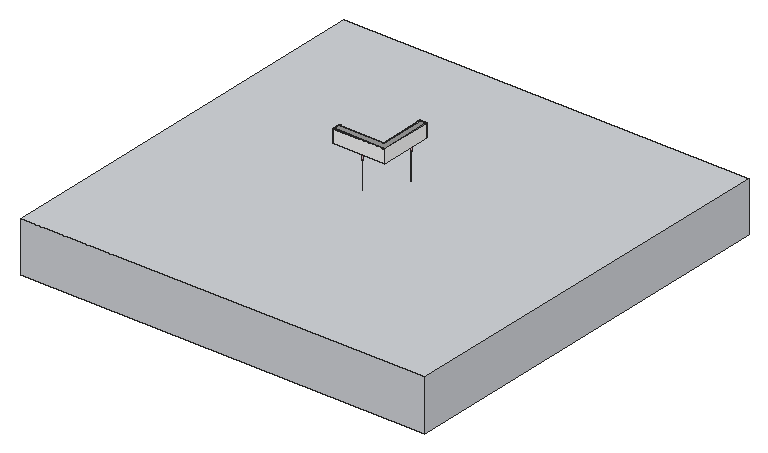
Revit family "LAMP_FIL 45 CORNER OPAL SURFACE", category Luminarias, Revit 2018
Family settings
  Anfitrión = Cara
  Cota de conector redondo = Diámetro de uso
  Tipo de pieza = Normal
  Corte con vacíos al cargar = No
  Origen de luz = Sí
  Compartido = No
  Punto de cálculo de habitación = No
Parameters (values of type "1300LM 3000K  BLACK")
  Ángulo de inclinación = -90.00°
  Weight = 1.40 kg
  Wattage = 4.43 W
  Type = "MID POWER TRIDONIC"
  built-in parameter 1150107 = 3000 (stored number, unit not read)
  NOT COVER 2 [instance] = not(END COVER 2)  # no
  NOT COVER 1 [instance] = not(END COVER 1)  # no
  Indirect light = LAMP_FIL 45 CORNER OPAL SURFACE_INDIRECT : 1300LM 3000K  BLACK
  END COVER 2 [instance] = yes
  END COVER 1 [instance] = yes
  Suspension distance [instance] = if(Suspension > 4000 mm, 4000 mm, if(Suspension < 1 mm, 1 mm, Suspension))  # 200 mm
  Suspension [instance] = 200 mm
  built-in parameter 1150110 = 1 (stored number, unit not read)
  built-in parameter 1150109 = 1 (stored number, unit not read)
  built-in parameter 1150112 = 1 (stored number, unit not read)
  built-in parameter 1150113 = 1 (stored number, unit not read)
  built-in parameter 1114218 = 1 (stored number, unit not read)
  Protection rating = "IP20 / IK07"
  Product datasheet = "http://www.lamp.es/product-files/TECH/F41SFCRMOOP830NB-EN.pdf"
  Product code = "F41SFCRMOOP830NB"
  Product URL = "https://www.lamp.es/en/family/fil-45_413951"
  Power Supply = "220-240V 50/60Hz"
  Power = 8 W
  Plum = 9.3 W
  Photobiological risk = ""
  built-in parameter 1150137 = (empty or 0)
  built-in parameter 1150132 = 2
  Modelo = Product code  # "F41SFCRMOOP830NB"
  Model Explanation = ""
  Material suspension = LAMP_Acero genérico
  Material perfil = LAMP_Aluminio Perfil Fil NG
  Material difusor = LAMP_PC Difusor Opal Fil
  Manufacturer name = "LAMP"
  Manufacturer country = "Spain"
  Manufacturer URL = "http://www.lamp.es/en"
  MacAdam = "3"
  Last update = "14/04/2021"
  Lamp = "MID-POWER LED"
  LED Lifetime = "70.000 L80 B10"
  built-in parameter 1150105 = 34.245 (stored number, unit not read)
  built-in parameter 1150102 = (empty or 0)
  Insulation class = "I"
  Installation instructions = "https://www.lamp.es/product-files/INS/1004580-C%20INSTR.%20FIL45.pdf"
  built-in parameter 1150106 = 0.34245 (stored number, unit not read)
  IEE = "A+"
  Gear = "Electronic"
  Lumens = 430.33 lm
  Finish = "Matte black RAL 9011"
  Color Filter = 16777215
  built-in parameter 1114217 = 1 (stored number, unit not read)
  built-in parameter 1150139 = (empty or 0)
  Fabricante = Manufacturer name  # "LAMP"
  Default Elevation = 1219.2 mm
  built-in parameter 1150104 = 9.0246 (stored number, unit not read)
  Efficacy = 92.59 lm/W
  Dimensions = "313x313"
  Descripción = "FIL45 CORNER SUR 1300 WW OPAL BK."
  built-in parameter 1150115 = 1 (stored number, unit not read)
  built-in parameter 1150114 = 1 (stored number, unit not read)
  built-in parameter 1150138 = (empty or 0)
  built-in parameter 1150134 = 3
  Dimming Lamp Color Temperature Shift = (empty or 0)
  CRI = "80"
  Archivo de red fotométrica = "F41SFCRMOOP830NB.IES"
  built-in parameter 1150133 = 10 (stored number, unit not read)
Types (12, lengths in mm): name | built-in parameter 1150107 | Indirect light | Product datasheet | Product code | Plum | Modelo | Material perfil | built-in parameter 1150105 | built-in parameter 1150106 | Lumens | Finish | built-in parameter 1150104 | Efficacy | Descripción | Archivo de red fotométrica
  1300LM 3000K DALI BLACK | 3000 (stored number, unit not read) | LAMP_FIL 45 CORNER OPAL SURFACE_INDIRECT : 1300LM 3000K DALI BLACK | "http://www.lamp.es/product-files/TECH/F41SFCRMOOP830DB-EN.pdf" | "F41SFCRMOOP830DB" | 9.6 W | "F41SFCRMOOP830DB" | LAMP_Aluminio Perfil Fil NG | 34.245 (stored number, unit not read) | 0.34245 (stored number, unit not read) | 430.33 lm | "Matte black RAL 9011" | 9.0246 (stored number, unit not read) | 89.7 lm/W | "FIL45 CORNER SUR 1300 WW OPAL DALI BK." | "F41SFCRMOOP830nB.IES"
  1300LM 3000K DALI GREY | 3000 (stored number, unit not read) | LAMP_FIL 45 CORNER OPAL SURFACE_INDIRECT : 1300LM 3000K DALI GREY | "http://www.lamp.es/product-files/TECH/F41SFCRMOOP830DG-EN.pdf" | "F41SFCRMOOP830DG" | 9.6 W | "F41SFCRMOOP830DG" | LAMP_Aluminio Perfil Fil GR | 34.245 (stored number, unit not read) | 0.34245 (stored number, unit not read) | 430.33 lm | "Gloss grey" | 9.0246 (stored number, unit not read) | 89.7 lm/W | "FIL45 CORNER SUR 1300 WW OPAL DALI GR." | "F41SFCRMOOP830nG.IES"
  1300LM 3000K DALI WHITE | 3000 (stored number, unit not read) | LAMP_FIL 45 CORNER OPAL SURFACE_INDIRECT : 1300LM 3000K DALI WHITE | "http://www.lamp.es/product-files/TECH/F41SFCRMOOP830DW-EN.pdf" | "F41SFCRMOOP830DW" | 9.6 W | "F41SFCRMOOP830DW" | LAMP_Aluminio Perfil Fil BL | 34.245 (stored number, unit not read) | 0.34245 (stored number, unit not read) | 430.33 lm | "Matte white RAL 9010" | 9.0246 (stored number, unit not read) | 89.7 lm/W | "FIL45 CORNER SUR 1300 WW OPAL DALI WH." | "F41SFCRMOOP830nW.IES"
  1300LM 3000K  BLACK | 3000 (stored number, unit not read) | LAMP_FIL 45 CORNER OPAL SURFACE_INDIRECT : 1300LM 3000K  BLACK | "http://www.lamp.es/product-files/TECH/F41SFCRMOOP830NB-EN.pdf" | "F41SFCRMOOP830NB" | 9.3 W | "F41SFCRMOOP830NB" | LAMP_Aluminio Perfil Fil NG | 34.245 (stored number, unit not read) | 0.34245 (stored number, unit not read) | 430.33 lm | "Matte black RAL 9011" | 9.0246 (stored number, unit not read) | 92.59 lm/W | "FIL45 CORNER SUR 1300 WW OPAL BK." | "F41SFCRMOOP830NB.IES"
  1300LM 3000K  GREY | 3000 (stored number, unit not read) | LAMP_FIL 45 CORNER OPAL SURFACE_INDIRECT : 1300LM 3000K  GREY | "http://www.lamp.es/product-files/TECH/F41SFCRMOOP830NG-EN.pdf" | "F41SFCRMOOP830NG" | 9.3 W | "F41SFCRMOOP830NG" | LAMP_Aluminio Perfil Fil GR | 34.245 (stored number, unit not read) | 0.34245 (stored number, unit not read) | 430.33 lm | "Gloss grey" | 9.0246 (stored number, unit not read) | 92.59 lm/W | "FIL45 CORNER SUR 1300 WW OPAL GR." | "F41SFCRMOOP830NG.IES"
  1300LM 3000K  WHITE | 3000 (stored number, unit not read) | LAMP_FIL 45 CORNER OPAL SURFACE_INDIRECT : 1300LM 3000K  WHITE | "http://www.lamp.es/product-files/TECH/F41SFCRMOOP830NW-EN.pdf" | "F41SFCRMOOP830NW" | 9.3 W | "F41SFCRMOOP830NW" | LAMP_Aluminio Perfil Fil BL | 34.245 (stored number, unit not read) | 0.34245 (stored number, unit not read) | 430.33 lm | "Matte white RAL 9010" | 9.0246 (stored number, unit not read) | 92.59 lm/W | "FIL45 CORNER SUR 1300 WW OPAL WH." | "F41SFCRMOOP830NW.IES"
  1300LM 4000K DALI BLACK | 4000 (stored number, unit not read) | LAMP_FIL 45 CORNER OPAL SURFACE_INDIRECT : 1300LM 4000K DALI BLACK | "http://www.lamp.es/product-files/TECH/F41SFCRMOOP840DB-EN.pdf" | "F41SFCRMOOP840DB" | 9.6 W | "F41SFCRMOOP840DB" | LAMP_Aluminio Perfil Fil NG | 35.891 (stored number, unit not read) | 0.35891 (stored number, unit not read) | 451.018 lm | "Matte black RAL 9011" | 9.4585 (stored number, unit not read) | 94.03 lm/W | "FIL45 CORNER SUR 1300 NW OPAL DALI BK." | "F41SFCRMOOP840nB.IES"
  1300LM 4000K DALI GREY | 4000 (stored number, unit not read) | LAMP_FIL 45 CORNER OPAL SURFACE_INDIRECT : 1300LM 4000K DALI GREY | "http://www.lamp.es/product-files/TECH/F41SFCRMOOP840DG-EN.pdf" | "F41SFCRMOOP840DG" | 9.6 W | "F41SFCRMOOP840DG" | LAMP_Aluminio Perfil Fil GR | 35.891 (stored number, unit not read) | 0.35891 (stored number, unit not read) | 451.018 lm | "Gloss grey" | 9.4585 (stored number, unit not read) | 94.03 lm/W | "FIL45 CORNER SUR 1300 NW OPAL DALI GR." | "F41SFCRMOOP840nG.IES"
  1300LM 4000K DALI WHITE | 4000 (stored number, unit not read) | LAMP_FIL 45 CORNER OPAL SURFACE_INDIRECT : 1300LM 3000K DALI BLACK | "http://www.lamp.es/product-files/TECH/F41SFCRMOOP840DW-EN.pdf" | "F41SFCRMOOP840DW" | 9.6 W | "F41SFCRMOOP840DW" | LAMP_Aluminio Perfil Fil BL | 35.891 (stored number, unit not read) | 0.35891 (stored number, unit not read) | 451.018 lm | "Matte white RAL 9010" | 9.4585 (stored number, unit not read) | 94.03 lm/W | "FIL45 CORNER SUR 1300 NW OPAL DALI WH." | "F41SFCRMOOP840nW.IES"
  1300LM 4000K  BLACK | 4000 (stored number, unit not read) | LAMP_FIL 45 CORNER OPAL SURFACE_INDIRECT : 1300LM 4000K  BLACK | "http://www.lamp.es/product-files/TECH/F41SFCRMOOP840NB-EN.pdf" | "F41SFCRMOOP840NB" | 9.3 W | "F41SFCRMOOP840NB" | LAMP_Aluminio Perfil Fil NG | 35.891 (stored number, unit not read) | 0.35891 (stored number, unit not read) | 451.018 lm | "Matte black RAL 9011" | 9.4585 (stored number, unit not read) | 97.07 lm/W | "FIL45 CORNER SUR 1300 NW OPAL BK." | "F41SFCRMOOP840NB.IES"
  1300LM 4000K  GREY | 4000 (stored number, unit not read) | LAMP_FIL 45 CORNER OPAL SURFACE_INDIRECT : 1300LM 4000K  GREY | "http://www.lamp.es/product-files/TECH/F41SFCRMOOP840NG-EN.pdf" | "F41SFCRMOOP840NG" | 9.3 W | "F41SFCRMOOP840NG" | LAMP_Aluminio Perfil Fil GR | 35.891 (stored number, unit not read) | 0.35891 (stored number, unit not read) | 451.018 lm | "Gloss grey" | 9.4585 (stored number, unit not read) | 97.07 lm/W | "FIL45 CORNER SUR 1300 NW OPAL GR." | "F41SFCRMOOP840NG.IES"
  1300LM 4000K  WHITE | 4000 (stored number, unit not read) | LAMP_FIL 45 CORNER OPAL SURFACE_INDIRECT : 1300LM 4000K  WHITE | "http://www.lamp.es/product-files/TECH/F41SFCRMOOP840NW-EN.pdf" | "F41SFCRMOOP840NW" | 9.3 W | "F41SFCRMOOP840NW" | LAMP_Aluminio Perfil Fil BL | 35.891 (stored number, unit not read) | 0.35891 (stored number, unit not read) | 451.018 lm | "Matte white RAL 9010" | 9.4585 (stored number, unit not read) | 97.07 lm/W | "FIL45 CORNER SUR 1300 NW OPAL WH." | "F41SFCRMOOP840NW.IES"
Reference planes
  plane 1 "Centro (Frontal/Posterior)": y = 0
  plane 2: z = 0
  plane 3 "Centro (Izquierda/Derecha)": x = 0
Forms (mm)
  Extrusion 1, solid
    sketch origin (0, 0, 0) x (1, 0, 0) y (0, 1, 0)
      loop
        line (-1219.2, 1219.2) -> (-1219.2, -1219.2) -> (1219.2, -1219.2) -> (1219.2, 1219.2) -> (-1219.2, 1219.2)
    from 0 to -304.8
  Extrusion 2, solid, material "LAMP_Acero genérico" <- "Material suspension"
    sketch origin (-517.823, 0, 0) x (0, -1, 0) y (0, 0, 1)
      loop
        line (-12.5, 201) -> (-15.291, 208.272) -> (-12.823, 210) -> (-13.823, 210) -> (-16.291, 208.272) -> (-13.116, 200) -> (0, 200) -> (13.116, 200) -> (16.291, 208.272) -> (13.823, 210) -> (12.823, 210) -> (15.291, 208.272) -> (12.5, 201) -> (0, 201) -> (-12.5, 201)
    from -400 to -378
  Extrusion 3, solid, material "LAMP_Acero genérico" <- "Material suspension"
    sketch origin (0, 570, 0) x (1, 0, 0) y (0, 1, 0)
      loop
        circle (0, -365) r 5
    from 163.2 to 200
  Extrusion 4, solid, material "LAMP_Acero genérico" <- "Material suspension"
    sketch origin (-128.823, -365, 0) x (1, 0, 0) y (0, 1, 0)
      loop
        circle (0, 365) r 5
    from 163.2 to 200
  Extrusion 5, solid, material "LAMP_Acero genérico" <- "Material suspension"
    sketch origin (0, 594, 0) x (1, 0, 0) y (0, 1, 0)
      loop
        circle (0, -389) r 1
    from 0 to 163.2
  Extrusion 6, solid, material "LAMP_Acero genérico" <- "Material suspension"
    sketch origin (-128.823, -389, 0) x (1, 0, 0) y (0, 1, 0)
      loop
        circle (0, 389) r 1
    from 0 to 163.2
  Extrusion 7, solid, material "LAMP_Acero genérico" <- "Material suspension"
    sketch origin (0, 594, 0) x (1, 0, 0) y (0, 0, -1)
      loop
        line (-12.5, -201) -> (0, -201) -> (12.5, -201) -> (15.291, -208.272) -> (12.823, -210) -> (13.823, -210) -> (16.291, -208.272) -> (13.116, -200) -> (0, -200) -> (-13.116, -200) -> (-16.291, -208.272) -> (-13.823, -210) -> (-12.823, -210) -> (-15.291, -208.272) -> (-12.5, -201)
    from -400 to -378
  Sweep 8, solid, material "LAMP_Aluminio Perfil Fil NG" <- "Material perfil"
    path origin (0, 0, 0) x (1, 0, 0) y (0, 1, 0)
      loop
        line (-290.5, 0) -> (0, 0) -> (0, 290.5)
    profile origin (-145.25, 0, 0) x (0, 1, 0) y (0, 0, 1)
      loop
        arc (22.5, 285.7) -> (21.5, 286.7) -> (20.5, 285.7) r 1
        line (20.5, 285.7) -> (20.5, 284.2) -> (17.8, 284.2) -> (17.8, 259) -> (0, 259) -> (-17.8, 259) -> (-17.8, 284.2) -> (-20.5, 284.2) -> (-20.5, 285.7)
        arc (-20.5, 285.7) -> (-21.5, 286.7) -> (-22.5, 285.7) r 1
        line (-22.5, 285.7) -> (-22.5, 206.5) -> (-20.7, 206.5) -> (-20.7, 210) -> (-12.5, 210) -> (-12.5, 208) -> (-14.8, 208) -> (-14.5, 206.5) -> (-11, 206.5) -> (-11, 214.5) -> (11, 214.5) -> (11, 206.5) -> (14.5, 206.5) -> (14.8, 208) -> (12.5, 208) -> (12.5, 210) -> (20.7, 210) -> (20.7, 206.5) -> (22.5, 206.5) -> (22.5, 285.7)
  Sweep 9, solid, material "LAMP_PC Difusor Opal Fil" <- "Material difusor"
    path origin (0, 0, 0) x (1, 0, 0) y (0, 1, 0)
      loop
        line (-290.5, 0) -> (0, 0) -> (0, 290.5)
    profile origin (-145.25, 0, 0) x (0, 1, 0) y (0, 0, 1)
      loop
        line (-20.505, 284.2) -> (-0.005, 284.2) -> (20.495, 284.2) -> (20.495, 286.7) -> (-0.005, 286.7) -> (-20.505, 286.7) -> (-20.505, 284.2)
  Sweep 10, solid, material "LAMP_PC Difusor Opal Fil" <- "Material difusor"
    path origin (0, 0, 0) x (1, 0, 0) y (0, 1, 0)
      loop
        line (-290.5, 0) -> (0, 0) -> (0, 290.5)
    profile origin (-145.25, 0, 0) x (0, 1, 0) y (0, 0, 1)
      loop
        line (-11, 214.5) -> (-11, 206.5) -> (-7.529, 206.5) -> (11, 206.5) -> (11, 214.5) -> (10, 214.5) -> (10, 207.5) -> (-10, 207.5) -> (-10, 214.5) -> (-11, 214.5)
Lines and regions (mm)
  reference lines
    curve 1: line (0, -445.47, 200) -> (0, 544.53, 200)
    curve 2: line (0, -175.247, 290.988) -> (0, 469.753, 290.988)
Text (mm)
  text "Any modification of the parameters and properties of the LAMP BIM models must be executed and validated by the LAMP technical department.\nPhone: +34 93 736 68 00\nE-mail: lamp@lamp.es\n\nLAMP reserves the right to modify the technical specifications of its products." at (3279.264, 5298.162, -2684.539), in view "Preview"
Dimensions and locks
  "Suspension distance": level to curve 1
  locked: Extrusion 3 to Extrusion 3 at 36.8
  locked: Extrusion 4 to Extrusion 4 at 36.8
  locked: Sweep 9 to curve 2 at 4.288
  aligned and locked: plane 2 to Extrusion 1
  aligned and locked: level to Extrusion 1
  aligned and locked: curve 1 to Extrusion 7
  aligned and locked: curve 1 to Extrusion 2
  aligned and locked: Extrusion 3 to curve 1
  aligned and locked: Extrusion 4 to curve 1
  aligned and locked: Extrusion 5 to Extrusion 3
  aligned and locked: Extrusion 6 to Extrusion 4
  aligned and locked: Sweep 8 to Extrusion 2
  aligned and locked: Sweep 8 to Sweep 9
  aligned and locked: Sweep 10 to Sweep 8
  aligned and locked: imposter light to curve 2
  aligned and locked: nested 1 to Sweep 8
  aligned and locked: nested 2 to Sweep 8
Automatic sketch dimensions
  Extrusion 1 sketch curve to Extrusion 1 sketch curve = 2438.4 mm  (x2)
  Extrusion 3 sketch curve to plane 3 "Centro (Izquierda/Derecha)" = 0 mm
  Extrusion 3 sketch curve to plane 1 "Centro (Frontal/Posterior)" = 205 mm
  plane 3 "Centro (Izquierda/Derecha)" to Extrusion 4 sketch curve = 128.823 mm
  Extrusion 4 sketch curve to plane 1 "Centro (Frontal/Posterior)" = 0 mm
  Extrusion 5 sketch curve to plane 3 "Centro (Izquierda/Derecha)" = 0 mm
  Extrusion 5 sketch curve to plane 1 "Centro (Frontal/Posterior)" = 205 mm
  plane 3 "Centro (Izquierda/Derecha)" to Extrusion 6 sketch curve = 128.823 mm
  Extrusion 6 sketch curve to plane 1 "Centro (Frontal/Posterior)" = 0 mm
  Extrusion 7 sketch curve to plane 3 "Centro (Izquierda/Derecha)" = 0 mm  (x2)
  Extrusion 7 sketch curve to Extrusion 7 sketch curve = 12.5 mm
  Extrusion 7 sketch curve to Extrusion 7 sketch curve = 0.323 mm  (x2)
  Extrusion 7 sketch curve to Extrusion 7 sketch curve = 0.616 mm  (x2)
  Extrusion 7 sketch curve to Extrusion 7 sketch curve = 1 mm  (x5)
  Extrusion 7 sketch curve to Extrusion 7 sketch curve = 1.468 mm  (x2)
  plane 3 "Centro (Izquierda/Derecha)" to Extrusion 7 sketch curve = 12.5 mm
  level to Extrusion 7 sketch curve = 210 mm
  Extrusion 7 sketch curve to Extrusion 7 sketch curve = 0 mm  (x3)
  Extrusion 7 sketch curve to Extrusion 7 sketch curve = 1.728 mm  (x2)
  Extrusion 7 sketch curve to Extrusion 7 sketch curve = 7.272 mm
  Extrusion 2 sketch curve to plane 1 "Centro (Frontal/Posterior)" = 16.291 mm
  Extrusion 2 sketch curve to Extrusion 2 sketch curve = 1 mm  (x5)
  Extrusion 2 sketch curve to Extrusion 2 sketch curve = 1.468 mm  (x2)
  level to Extrusion 2 sketch curve = 200 mm
  Extrusion 2 sketch curve to Extrusion 2 sketch curve = 2.175 mm
  Extrusion 2 sketch curve to Extrusion 2 sketch curve = 0.616 mm  (x2)
  Extrusion 2 sketch curve to Extrusion 2 sketch curve = 12.5 mm  (x2)
  Extrusion 2 sketch curve to Extrusion 2 sketch curve = 0 mm  (x3)
  Extrusion 2 sketch curve to Extrusion 2 sketch curve = 0.323 mm
  Extrusion 2 sketch curve to Extrusion 2 sketch curve = 7.272 mm  (x2)
  Extrusion 2 sketch curve to Extrusion 2 sketch curve = 1.728 mm  (x2)
  Sweep 8 sketch curve to plane 3 "Centro (Izquierda/Derecha)" = 0 mm
  Sweep 8 sketch curve to plane 1 "Centro (Frontal/Posterior)" = 0 mm
  Sweep 8 sketch curve to Sweep 8 sketch curve = 290.5 mm  (x2)
  profile plane to Sweep 8 sketch curve = 22.5 mm
  Sweep 8 sketch curve to Sweep 8 sketch curve = 1 mm  (x2)
  Sweep 8 sketch curve to Sweep 8 sketch curve = 1.8 mm
  Sweep 8 sketch curve to Sweep 8 sketch curve = 2.7 mm  (x2)
  Sweep 8 sketch curve to Sweep 8 sketch curve = 5.9 mm  (x2)
  Sweep 8 sketch curve to Sweep 8 sketch curve = 0.3 mm  (x2)
  Sweep 8 sketch curve to Sweep 8 sketch curve = 2.3 mm
  Sweep 8 sketch curve to Sweep 8 sketch curve = 1.5 mm  (x6)
  Sweep 8 sketch curve to Sweep 8 sketch curve = 17.8 mm  (x2)
  Sweep 8 sketch curve to Sweep 8 sketch curve = 22 mm
  Sweep 8 sketch curve to Sweep 8 sketch curve = 2 mm  (x2)
  level to Sweep 8 sketch curve = 206.5 mm
  Sweep 8 sketch curve to Sweep 8 sketch curve = 0 mm  (x3)
  Sweep 8 sketch curve to Sweep 8 sketch curve = 3.5 mm
  Sweep 8 sketch curve to Sweep 8 sketch curve = 4.5 mm
  Sweep 8 sketch curve to Sweep 8 sketch curve = 44.5 mm
  Sweep 8 sketch curve to Sweep 8 sketch curve = 25.2 mm  (x2)
  plane 1 "Centro (Frontal/Posterior)" to Sweep 9 sketch curve = 0 mm
  Sweep 9 sketch curve to plane 3 "Centro (Izquierda/Derecha)" = 0 mm
  Sweep 9 sketch curve to Sweep 9 sketch curve = 290.5 mm  (x2)
  profile plane to Sweep 9 sketch curve = 20.505 mm
  Sweep 9 sketch curve to Sweep 9 sketch curve = 20.5 mm
  Sweep 9 sketch curve to Sweep 9 sketch curve = 0 mm
  Sweep 9 sketch curve to profile plane = 20.495 mm
  level to Sweep 9 sketch curve = 284.2 mm
  Sweep 9 sketch curve to Sweep 9 sketch curve = 2.5 mm
  plane 1 "Centro (Frontal/Posterior)" to Sweep 10 sketch curve = 0 mm
  Sweep 10 sketch curve to plane 3 "Centro (Izquierda/Derecha)" = 0 mm
  Sweep 10 sketch curve to Sweep 10 sketch curve = 290.5 mm  (x2)
  profile plane to Sweep 10 sketch curve = 11 mm
  Sweep 10 sketch curve to Sweep 10 sketch curve = 1 mm  (x3)
  Sweep 10 sketch curve to Sweep 10 sketch curve = 2.471 mm
  Sweep 10 sketch curve to profile plane = 10 mm
  level to Sweep 10 sketch curve = 206.5 mm
  Sweep 10 sketch curve to Sweep 10 sketch curve = 7 mm  (x2)
  plane 1 "Centro (Frontal/Posterior)" to curve 1 = 445.47 mm
  plane 1 "Centro (Frontal/Posterior)" to curve 2 = 175.247 mm
  curve 2 to plane 1 "Centro (Frontal/Posterior)" = 469.753 mm
  curve 2 to curve 1 = 74.776 mm
  curve 1 to curve 2 = 90.988 mm
  radius of Extrusion 3 sketch curve = 5 mm
  radius of Extrusion 4 sketch curve = 5 mm
  radius of Extrusion 5 sketch curve = 1 mm
  radius of Extrusion 6 sketch curve = 1 mm
Nested families
  nested 1: "LAMP_FIL 45 END COVER SURFACE" at (0, 291.5, 206.5), visible <- "END COVER 2", type "LAMP_FIL 45 END COVER SURFACE"
  nested 2: "LAMP_FIL 45 END COVER SURFACE" at (-291.5, 0, 206.5) x (0, 1, 0) z (0, 0, 1), visible <- "END COVER 1", type "LAMP_FIL 45 END COVER SURFACE"
  nested 3: "LAMP_FIL 45 CORNER OPAL SURFACE_INDIRECT" at (0, 147.41, -1208.108), type "1300LM 3000K DALI BLACK"
Connectors
  electrical at (-128.823, 0, 200)
    settings: on Extrusion 4, index 1, voltage 230 V, apparent load 0 VA, apparent load phase1 0 VA, apparent load phase2 0 VA, apparent load phase3 0 VA, power factor 1, load classification "Otro", number of poles 1, system type 31, power factor state 1, is connector primary yes, connector utility no, sub classification motor no, connector description ""
Definition of nested family "LAMP_FIL 45 END COVER SURFACE"
  Parameters (values of type "Blanco")
    Material tapa = none
  Reference planes
    plane 1 "Centro (Frontal/Posterior)": y = 0
    plane 2: z = 0
    plane 3 "Centro (Izquierda/Derecha)": x = 0
  Forms (mm)
    Extrusion 1, solid, material <- "Material tapa"
      sketch origin (0, 0, 0) x (0, -1, 0) y (0, 0, 1)
        loop
          line (0, 0) -> (1, 0) -> (1, 80) -> (-1, 80) -> (-1, 0) -> (0, 0)
      from -22.5 to 22.5
  Dimensions and locks
    aligned and locked: level to plane 2
Definition of nested family "LAMP_FIL 45 CORNER OPAL SURFACE_INDIRECT"
  Parameters (values of type "1300LM 3000K  BLACK")
    Tilt Angle = -90.00°
    Wattage = 4.43 W
    built-in parameter 1150110 = 1 (stored number, unit not read)
    built-in parameter 1114217 = 1 (stored number, unit not read)
    built-in parameter 1150109 = 1 (stored number, unit not read)
    built-in parameter 1150134 = (empty or 0)
    built-in parameter 1150113 = 1 (stored number, unit not read)
    Lumens = 430.33 lm
    built-in parameter 1150115 = 1 (stored number, unit not read)
    built-in parameter 1150105 = 34.245 (stored number, unit not read)
    built-in parameter 1150137 = (empty or 0)
    built-in parameter 1150139 = (empty or 0)
    built-in parameter 1150112 = 1 (stored number, unit not read)
    built-in parameter 1150114 = 1 (stored number, unit not read)
    built-in parameter 1150132 = 2
    built-in parameter 1150102 = (empty or 0)
    built-in parameter 1150138 = (empty or 0)
    built-in parameter 1150107 = 3000 (stored number, unit not read)
    built-in parameter 1150106 = 0.34245 (stored number, unit not read)
    built-in parameter 1150104 = 9.0246 (stored number, unit not read)
    Dimming Lamp Color Temperature Shift = (empty or 0)
    Color Filter = 16777215
    built-in parameter 1114218 = 1 (stored number, unit not read)
    Photometric Web File = "F41SF084MOOP830NB.IES"
    built-in parameter 1150133 = 10 (stored number, unit not read)
  Types (13, lengths in mm): name | built-in parameter 1150134 | Lumens | built-in parameter 1150105 | built-in parameter 1150107 | built-in parameter 1150106 | built-in parameter 1150104 | Photometric Web File
    (no name) | (empty or 0) | 430.33 lm | 34.245 (stored number, unit not read) | 3000 (stored number, unit not read) | 0.34245 (stored number, unit not read) | 9.0246 (stored number, unit not read) | "F41SF084MOOP830NB.IES"
    1300LM 3000K DALI BLACK | (empty or 0) | 430.33 lm | 34.245 (stored number, unit not read) | 3000 (stored number, unit not read) | 0.34245 (stored number, unit not read) | 9.0246 (stored number, unit not read) | "F41SF084MOOP830NB.IES"
    1300LM 3000K DALI GREY | (empty or 0) | 430.33 lm | 34.245 (stored number, unit not read) | 3000 (stored number, unit not read) | 0.34245 (stored number, unit not read) | 9.0246 (stored number, unit not read) | "F41SF084MOOP830NB.IES"
    1300LM 3000K DALI WHITE | (empty or 0) | 430.33 lm | 34.245 (stored number, unit not read) | 3000 (stored number, unit not read) | 0.34245 (stored number, unit not read) | 9.0246 (stored number, unit not read) | "F41SF084MOOP830NB.IES"
    1300LM 3000K  BLACK | (empty or 0) | 430.33 lm | 34.245 (stored number, unit not read) | 3000 (stored number, unit not read) | 0.34245 (stored number, unit not read) | 9.0246 (stored number, unit not read) | "F41SF084MOOP830NB.IES"
    1300LM 3000K  GREY | (empty or 0) | 430.33 lm | 34.245 (stored number, unit not read) | 3000 (stored number, unit not read) | 0.34245 (stored number, unit not read) | 9.0246 (stored number, unit not read) | "F41SF084MOOP830NB.IES"
    1300LM 3000K  WHITE | (empty or 0) | 430.33 lm | 34.245 (stored number, unit not read) | 3000 (stored number, unit not read) | 0.34245 (stored number, unit not read) | 9.0246 (stored number, unit not read) | "F41SF084MOOP830NB.IES"
    1300LM 4000K DALI BLACK | 12 | 451.018 lm | 171.57 (stored number, unit not read) | 4000 (stored number, unit not read) | 1.7157 (stored number, unit not read) | 9.4585 (stored number, unit not read) | "F41SF084MOOP840NB.IES"
    1300LM 4000K DALI GREY | 12 | 451.018 lm | 171.57 (stored number, unit not read) | 4000 (stored number, unit not read) | 1.7157 (stored number, unit not read) | 9.4585 (stored number, unit not read) | "F41SF084MOOP840NB.IES"
    1300LM 4000K DALI WHITE | 12 | 451.018 lm | 171.57 (stored number, unit not read) | 4000 (stored number, unit not read) | 1.7157 (stored number, unit not read) | 9.4585 (stored number, unit not read) | "F41SF084MOOP840NB.IES"
    1300LM 4000K  BLACK | 12 | 451.018 lm | 171.57 (stored number, unit not read) | 4000 (stored number, unit not read) | 1.7157 (stored number, unit not read) | 9.4585 (stored number, unit not read) | "F41SF084MOOP840NB.IES"
    1300LM 4000K  GREY | 12 | 451.018 lm | 171.57 (stored number, unit not read) | 4000 (stored number, unit not read) | 1.7157 (stored number, unit not read) | 9.4585 (stored number, unit not read) | "F41SF084MOOP840NB.IES"
    1300LM 4000K  WHITE | 12 | 451.018 lm | 171.57 (stored number, unit not read) | 4000 (stored number, unit not read) | 1.7157 (stored number, unit not read) | 9.4585 (stored number, unit not read) | "F41SF084MOOP840NB.IES"
  Reference planes
    plane 1 "Eje de origen de luz (F/P)": y = 0
    plane 2: z = 0
    plane 3 "Eje de origen de luz (I/D)": x = 0
    plane 4 "Elevación de origen de luz": z = 1500
  Dimensions and locks
    aligned and locked: plane 3 "Eje de origen de luz (I/D)" to imposter light
    aligned and locked: plane 1 "Eje de origen de luz (F/P)" to imposter light
    aligned and locked: plane 4 "Elevación de origen de luz" to imposter light
    aligned and locked: level to plane 2
